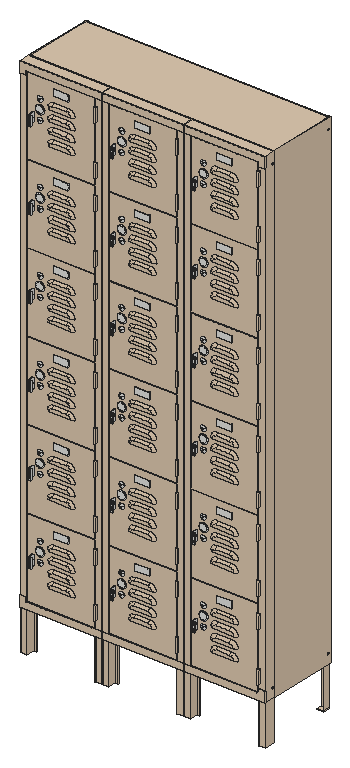
Revit family "Metal_Lockers-Salsbury_Industries-65000_66000_Series-3_Wide_Units", category Specialty Equipment, Revit 2016 (continued)
Definition of nested family "Metal Locker Legs - 3 Wide"
  Parameters (values of type "6" High - 45"W x 18"D")
    Type Comments = "Standard Metal Locker Legs"
    Primary Structure Material = none
    Model = "n/a"
    MasterFormat Title = ""
    MasterFormat Number = ""
    Manufacturer = "Salsbury Industries"
    Description = "45\"W x 6\" H x 18\"D"
    Depth = 18.010"
    Height = 6.000"
    Assembly Code = ""
  Types (6): name | Width | Visible | Type Comments | Description | Depth
    6" High - 36" W x 12" D | 36.040" | yes | "Standard Metal Locker Legs" | "36\"W x 6\" H x 12\"D" | 12.010"
    6" High - 36" W x 15" D | 36.040" | yes | "Standard Metal Locker Legs" | "36\"W x 6\" H x 15\"D" | 15.010"
    6" High - 36"W x 18"D | 36.040" | yes | "Standard Metal Locker Legs" | "36\"W x 6\" H x 18\"D" | 18.010"
    6" High - 45"W x 15"D | 45.040" | yes | "Standard Metal Locker Legs" | "45\"W x 6\" H x 15\"D" | 15.010"
    6" High - 45"W x 18"D | 45.040" | yes | "Standard Metal Locker Legs" | "45\"W x 6\" H x 18\"D" | 18.010"
    No Legs | 36.040" | no | "No Legs" | "" | 12.010"
  Reference planes (in)
    plane 1 "Center (Front/Back)": y = 0
    plane 2: z = 0
    plane 3 "Center (Left/Right)": x = 0
    plane 4 "Floor": z = 0
    plane 5 "Bottom of Unit": z = 6
    plane 6 "Left Side of Unit": x = -22.52
    plane 7 "Right Side of Unit": x = 22.52
    plane 8 "Back of Unit": y = 9.005
    plane 9 "Front of Unit": y = -9.005
    plane 10 "Right Side of Door Opening": x = 21.52
    plane 11 "Left Side of Door Opening": x = -21.52
    plane 12 "Top of back legs": z = 6.185
    plane 13 "Back Edge of Front Facing": y = -7.417
    plane 14 "Inside Edge of Front Leg": x = -21.08
    plane 15 "Inside Edge of Right Leg": x = 21.08
    plane 16: y = -7.82
    plane 17 "Back Edge of Rear Legs": y = 8.895
    plane 18 "Right Edge of Rear Right Leg": x = 22.4
    plane 19 "Left Edge or Rear Left Leg": x = -22.4
    plane 20: y = 7.895
    plane 21 "Inside Edge or Rear Right Leg": x = 21.4
    plane 22 "Inside Edge or Left Rear Leg": x = -21.4
    plane 23: x = 7.50667
    plane 24: x = -7.50667
  Forms (in)
    Extrusion 1, solid, material <- "Primary Structure Material", visible <- "Visible"
      sketch origin (0, 0, 0) x (0, -1, 0) y (1, 0, 0)
        loop
          line (7.417, 22.52) -> (7.417, 22.46) -> (8.945, 22.46) -> (8.945, 21.58) -> (7.76, 21.58) -> (7.76, 21.08) -> (7.82, 21.08) -> (7.82, 21.52) -> (9.005, 21.52) -> (9.005, 22.52) -> (7.417, 22.52)
      from 0 to 6
    Extrusion 2, solid, material <- "Primary Structure Material", visible <- "Visible"
      sketch origin (0, 0, 0) x (0, -1, 0) y (1, 0, 0)
        loop
          line (7.417, -22.52) -> (9.005, -22.52) -> (9.005, -21.52) -> (7.82, -21.52) -> (7.82, -21.08) -> (7.76, -21.08) -> (7.76, -21.58) -> (8.945, -21.58) -> (8.945, -22.46) -> (7.417, -22.46) -> (7.417, -22.52)
      from 0 to 6
    Extrusion 3, solid, material <- "Primary Structure Material", visible <- "Visible"
      sketch origin (0, 0, 0) x (0, -1, 0) y (1, 0, 0)
        loop
          line (-8.895, 22.4) -> (-8.895, 21.4) -> (-8.835, 21.4) -> (-8.835, 22.34) -> (-7.895, 22.34) -> (-7.895, 22.4) -> (-8.895, 22.4)
      from 0.06 to 6.185
    Extrusion 4, solid, material <- "Primary Structure Material", visible <- "Visible"
      sketch origin (0, 0, 0) x (0, -1, 0) y (1, 0, 0)
        loop
          line (-8.895, 22.4) -> (-8.895, 21.4) -> (-7.895, 21.4) -> (-7.895, 22.4) -> (-8.895, 22.4)
      from 0 to 0.06
    Extrusion 5, solid, material <- "Primary Structure Material", visible <- "Visible"
      sketch origin (0, 0, 0) x (0, -1, 0) y (1, 0, 0)
        loop
          line (-8.895, -22.4) -> (-7.895, -22.4) -> (-7.895, -22.34) -> (-8.835, -22.34) -> (-8.835, -21.4) -> (-8.895, -21.4) -> (-8.895, -22.4)
      from 0.06 to 6.185
    Extrusion 6, solid, material <- "Primary Structure Material", visible <- "Visible"
      sketch origin (0, 0, 0) x (0, -1, 0) y (1, 0, 0)
        loop
          line (-8.895, -22.4) -> (-7.895, -22.4) -> (-7.895, -21.4) -> (-8.895, -21.4) -> (-8.895, -22.4)
      from 0 to 0.06
    Extrusion 7, solid, material <- "Primary Structure Material", visible <- "Visible"
      sketch origin (12, 0, 0) x (0, -1, 0) y (1, 0, 0)
        loop
          line (7.417, -19.50667) -> (9.005, -19.50667) -> (9.005, -18.50667) -> (7.82, -18.50667) -> (7.82, -18.06667) -> (7.76, -18.06667) -> (7.76, -18.56667) -> (8.945, -18.56667) -> (8.945, -19.44667) -> (7.417, -19.44667) -> (7.417, -19.50667)
      from 0 to 6
    Extrusion 8, solid, material <- "Primary Structure Material", visible <- "Visible"
      sketch origin (24.04, 0, 0) x (0, -1, 0) y (1, 0, 0)
        loop
          line (7.417, -16.53333) -> (9.005, -16.53333) -> (9.005, -15.53333) -> (7.82, -15.53333) -> (7.82, -15.09333) -> (7.76, -15.09333) -> (7.76, -15.59333) -> (8.945, -15.59333) -> (8.945, -16.47333) -> (7.417, -16.47333) -> (7.417, -16.53333)
      from 0 to 6
    Extrusion 9, solid, material <- "Primary Structure Material", visible <- "Visible"
      sketch origin (-12, 0, 0) x (0, -1, 0) y (1, 0, 0)
        loop
          line (7.417, 19.50667) -> (7.417, 19.44667) -> (8.945, 19.44667) -> (8.945, 18.56667) -> (7.76, 18.56667) -> (7.76, 18.06667) -> (7.82, 18.06667) -> (7.82, 18.50667) -> (9.005, 18.50667) -> (9.005, 19.50667) -> (7.417, 19.50667)
      from 0 to 6
    Extrusion 10, solid, material <- "Primary Structure Material", visible <- "Visible"
      sketch origin (-24.04, 0, 0) x (0, -1, 0) y (1, 0, 0)
        loop
          line (7.417, 16.53333) -> (7.417, 16.47333) -> (8.945, 16.47333) -> (8.945, 15.59333) -> (7.76, 15.59333) -> (7.76, 15.09333) -> (7.82, 15.09333) -> (7.82, 15.53333) -> (9.005, 15.53333) -> (9.005, 16.53333) -> (7.417, 16.53333)
      from 0 to 6
  Dimensions and locks (in)
    equal spacing: plane 6 "Left Side of Unit", plane 3 "Center (Left/Right)", plane 7 "Right Side of Unit"
    "Width": plane 6 "Left Side of Unit" to plane 7 "Right Side of Unit"
    "Height": plane 5 "Bottom of Unit" to plane 4 "Floor"
    equal spacing: plane 9 "Front of Unit", plane 1 "Center (Front/Back)", plane 8 "Back of Unit"
    "Depth": plane 9 "Front of Unit" to plane 8 "Back of Unit"
    plane 12 "Top of back legs" to plane 5 "Bottom of Unit" = 0.185"
    plane 6 "Left Side of Unit" to plane 11 "Left Side of Door Opening" = 1.000"
    plane 10 "Right Side of Door Opening" to plane 7 "Right Side of Unit" = 1.000"
    locked: plane 9 "Front of Unit" to plane 13 "Back Edge of Front Facing" at 1.588
    plane 11 "Left Side of Door Opening" to plane 14 "Inside Edge of Front Leg" = 0.440"
    plane 15 "Inside Edge of Right Leg" to plane 10 "Right Side of Door Opening" = 0.440"
    plane 9 "Front of Unit" to plane 16 = 1.185"
    plane 15 "Inside Edge of Right Leg" to plane 21 "Inside Edge or Rear Right Leg" to plane 10 "Right Side of Door Opening" to plane 18 "Right Edge of Rear Right Leg" to plane 7 "Right Side of Unit" = 0.320", 0.120", 0.880", 0.120"
    plane 6 "Left Side of Unit" to plane 19 "Left Edge or Rear Left Leg" to plane 11 "Left Side of Door Opening" to plane 22 "Inside Edge or Left Rear Leg" to plane 14 "Inside Edge of Front Leg" = 0.120", 0.880", 0.120", 0.320"
    plane 20 to plane 17 "Back Edge of Rear Legs" to plane 8 "Back of Unit" = 1.000", 0.110"
    equal spacing: plane 6 "Left Side of Unit", plane 24, plane 23, plane 7 "Right Side of Unit"
    aligned and locked: level to plane 2
    aligned and locked: Extrusion 3 to Extrusion 4
    aligned and locked: Extrusion 6 to Extrusion 5
    aligned and locked: Extrusion 3 to plane 18 "Right Edge of Rear Right Leg"
    aligned and locked: Extrusion 3 to plane 17 "Back Edge of Rear Legs"
    aligned and locked: Extrusion 5 to plane 19 "Left Edge or Rear Left Leg"
    aligned and locked: plane 17 "Back Edge of Rear Legs" to Extrusion 5
    aligned and locked: plane 5 "Bottom of Unit" to Extrusion 2
    aligned and locked: Extrusion 1 to plane 5 "Bottom of Unit"
    aligned and locked: Extrusion 3 to plane 12 "Top of back legs"
    aligned and locked: plane 12 "Top of back legs" to Extrusion 5
  Automatic sketch dimensions
    plane 13 "Back Edge of Front Facing" to Extrusion 1 sketch curve = 0.000"
    Extrusion 1 sketch curve to plane 15 "Inside Edge of Right Leg" = 0.000"
    plane 16 to Extrusion 1 sketch curve = 0.000"
    Extrusion 1 sketch curve to plane 7 "Right Side of Unit" = 0.000"
    plane 9 "Front of Unit" to Extrusion 1 sketch curve = 0.000"
    Extrusion 1 sketch curve to plane 10 "Right Side of Door Opening" = 0.000"
    Extrusion 1 sketch curve to plane 16 = 0.060"
    Extrusion 1 sketch curve to plane 9 "Front of Unit" = 0.060"
    Extrusion 1 sketch curve to plane 10 "Right Side of Door Opening" = 0.060"
    plane 7 "Right Side of Unit" to Extrusion 1 sketch curve = 0.060"
    Extrusion 2 sketch curve to plane 13 "Back Edge of Front Facing" = 0.000"
    Extrusion 2 sketch curve to plane 14 "Inside Edge of Front Leg" = 0.000"
    Extrusion 2 sketch curve to plane 16 = 0.000"
    Extrusion 2 sketch curve to plane 6 "Left Side of Unit" = 0.000"
    Extrusion 2 sketch curve to plane 9 "Front of Unit" = 0.000"
    Extrusion 2 sketch curve to plane 11 "Left Side of Door Opening" = 0.000"
    plane 16 to Extrusion 2 sketch curve = 0.060"
    plane 9 "Front of Unit" to Extrusion 2 sketch curve = 0.060"
    Extrusion 2 sketch curve to plane 11 "Left Side of Door Opening" = 0.060"
    plane 6 "Left Side of Unit" to Extrusion 2 sketch curve = 0.060"
    plane 17 "Back Edge of Rear Legs" to Extrusion 3 sketch curve = 0.000"
    Extrusion 3 sketch curve to plane 21 "Inside Edge or Rear Right Leg" = 0.000"
    Extrusion 3 sketch curve to plane 18 "Right Edge of Rear Right Leg" = 0.000"
    plane 20 to Extrusion 3 sketch curve = 0.000"
    plane 17 "Back Edge of Rear Legs" to Extrusion 3 sketch curve = 0.060"
    plane 18 "Right Edge of Rear Right Leg" to Extrusion 3 sketch curve = 0.060"
    plane 17 "Back Edge of Rear Legs" to Extrusion 4 sketch curve = 0.000"
    Extrusion 4 sketch curve to plane 18 "Right Edge of Rear Right Leg" = 0.000"
    plane 20 to Extrusion 4 sketch curve = 0.000"
    Extrusion 4 sketch curve to plane 21 "Inside Edge or Rear Right Leg" = 0.000"
    Extrusion 5 sketch curve to plane 17 "Back Edge of Rear Legs" = 0.000"
    Extrusion 5 sketch curve to plane 22 "Inside Edge or Left Rear Leg" = 0.000"
    Extrusion 5 sketch curve to plane 19 "Left Edge or Rear Left Leg" = 0.000"
    Extrusion 5 sketch curve to plane 20 = 0.000"
    Extrusion 5 sketch curve to plane 17 "Back Edge of Rear Legs" = 0.060"
    Extrusion 5 sketch curve to plane 19 "Left Edge or Rear Left Leg" = 0.060"
    Extrusion 6 sketch curve to plane 17 "Back Edge of Rear Legs" = 0.000"
    Extrusion 6 sketch curve to plane 19 "Left Edge or Rear Left Leg" = 0.000"
    Extrusion 6 sketch curve to plane 20 = 0.000"
    Extrusion 6 sketch curve to plane 22 "Inside Edge or Left Rear Leg" = 0.000"
    plane 13 "Back Edge of Front Facing" to Extrusion 7 sketch curve = 0.000"
    plane 16 to Extrusion 7 sketch curve = 0.000"
    plane 9 "Front of Unit" to Extrusion 7 sketch curve = 0.000"
    Extrusion 7 sketch curve to plane 24 = 0.000"
    plane 16 to Extrusion 7 sketch curve = 0.060"
    plane 9 "Front of Unit" to Extrusion 7 sketch curve = 0.060"
    plane 24 to Extrusion 7 sketch curve = 0.060"
    plane 24 to Extrusion 7 sketch curve = 0.940"
    Extrusion 7 sketch curve to Extrusion 7 sketch curve = 0.060"
    Extrusion 7 sketch curve to Extrusion 7 sketch curve = 0.440"
    plane 13 "Back Edge of Front Facing" to Extrusion 8 sketch curve = 0.000"
    plane 16 to Extrusion 8 sketch curve = 0.000"
    plane 9 "Front of Unit" to Extrusion 8 sketch curve = 0.000"
    Extrusion 8 sketch curve to plane 23 = 0.000"
    plane 16 to Extrusion 8 sketch curve = 0.060"
    plane 9 "Front of Unit" to Extrusion 8 sketch curve = 0.060"
    plane 23 to Extrusion 8 sketch curve = 0.060"
    plane 23 to Extrusion 8 sketch curve = 0.940"
    Extrusion 8 sketch curve to Extrusion 8 sketch curve = 0.060"
    Extrusion 8 sketch curve to Extrusion 8 sketch curve = 0.440"
    plane 13 "Back Edge of Front Facing" to Extrusion 9 sketch curve = 0.000"
    plane 16 to Extrusion 9 sketch curve = 0.000"
    plane 9 "Front of Unit" to Extrusion 9 sketch curve = 0.000"
    Extrusion 9 sketch curve to plane 23 = 0.000"
    Extrusion 9 sketch curve to plane 16 = 0.060"
    Extrusion 9 sketch curve to plane 9 "Front of Unit" = 0.060"
    plane 23 to Extrusion 9 sketch curve = 0.060"
    plane 23 to Extrusion 9 sketch curve = 0.940"
    Extrusion 9 sketch curve to Extrusion 9 sketch curve = 0.060"
    Extrusion 9 sketch curve to Extrusion 9 sketch curve = 0.440"
    plane 13 "Back Edge of Front Facing" to Extrusion 10 sketch curve = 0.000"
    plane 16 to Extrusion 10 sketch curve = 0.000"
    plane 9 "Front of Unit" to Extrusion 10 sketch curve = 0.000"
    Extrusion 10 sketch curve to plane 24 = 0.000"
    Extrusion 10 sketch curve to plane 16 = 0.060"
    Extrusion 10 sketch curve to plane 9 "Front of Unit" = 0.060"
    plane 24 to Extrusion 10 sketch curve = 0.060"
    plane 24 to Extrusion 10 sketch curve = 0.940"
    Extrusion 10 sketch curve to Extrusion 10 sketch curve = 0.060"
    Extrusion 10 sketch curve to Extrusion 10 sketch curve = 0.440"
Definition of nested family "Metal Locker Doors-12 inch with Latch Hasps"
  Parameters (values of type "Six Tier Door - 6 foot")
    Width = 9.901"
    Visible = yes
    Primary Structure Material = none
    Louver Set Vertical Alignment = 2.731"
    Number Plate Alignment = 0.9375"
    Louver Width = 4.000"
    Hinge 2 Placement = 8.449"
    Hinge 1 Placement = 1.125"
    Height = 11.532"
    Hasp Plate Rivet Material = none
    Hasp Height = 1.438"
    Depth = 0.900"
  Types (4): name | Louver Set Vertical Alignment | Hinge 2 Placement | Height
    Four Tier Door - 6 foot | 5.710" | 14.142" | 17.360"
    Four Tier Door - 5 foot | 4.240" | 11.142" | 14.360"
    Five Tier Door - 5 foot | 2.826" | 8.188" | 11.463"
    Six Tier Door - 6 foot | 2.731" | 8.449" | 11.532"
  Reference planes (in)
    plane 1 "Center (Front/Back)": y = 0
    plane 2 "Bottom of Door": z = 0
    plane 3 "Center (Left/Right)": x = 0
    plane 4 "Center (Top/Bottom)": z = 5.766
    plane 5 "Top of Door": z = 11.532
    plane 6 "Right Side of Door": x = 4.9505
    plane 7 "Left Side of Door": x = -4.9505
    plane 8 "Front of Door": y = -0.45
    plane 9 "Back of Door": y = 0.45
    plane 10 "Top of Number Plate": z = 10.5945
    plane 11 "Top of Top Vent 1": z = 8.801
    plane 12 "Top of Top Vent 2": z = 7.176
    plane 13 "Top of Top Vent 3": z = 5.551
    plane 14 "Top of Top Vent 4": z = 3.926
    plane 15 "Top of Hasp Alignment": z = 6.485
    plane 16 "Bottom of Hasp Alignment": z = 5.047
    plane 17 "Left Side of Louvers": x = -2
    plane 18 "Right Side of Louvers": x = 2
    plane 19 "Front of Louvers": y = -0.6375
    plane 20: x = -1.094
    plane 21: x = 1.094
    plane 22: z = 9.5945
    plane 23 "Center Hasp": x = -1.7755
    plane 24 "Top of Hinge 2": z = 3.083
    plane 25 "Top of Hinge 1": z = 10.407
    plane 26 "Left Hasp Hole Align": x = -4.263
    plane 27 "Right Hasp Hole Align": x = -4.013
    plane 28 "Center Hasp Stud Align": z = 7.18441
    plane 29 "Top Hasp Stud Align": z = 8.60282
    plane 30 "Vertical Hasp Stud Align": x = -3.076
    plane 31: z = 7.801
    plane 32: z = 6.176
    plane 33: z = 4.551
    plane 34: z = 2.926
    plane 35 "Vertical Center Hasp Align": x = -4.13777
  Forms (in)
    Extrusion 1, solid, material <- "Primary Structure Material", visible <- "Visible"
      sketch origin (0, 0, 0) x (1, 0, 0) y (0, 0, 1)
        loop
          line (-4.9505, 11.532) -> (-4.9505, 0) -> (4.9505, 0) -> (4.9505, 11.532) -> (-4.9505, 11.532)
      from -0.45 to 0.45
    Extrusion 2, solid, material <- "Hasp Plate Rivet Material", visible <- "Visible", detail levels medium+fine
      sketch origin (0, -0.45, 0) x (1, 0, 0) y (0, 0, 1)
        loop
          arc (-1.06847, 10.55895) -> (-1.10166, 10.09621) -> (-1.06847, 9.63347) r 3.2426
          arc (-1.06847, 9.63347) -> (0, 9.59472) -> (1.06847, 9.63347) r 14.75
          arc (1.06847, 9.63347) -> (1.10166, 10.09621) -> (1.06847, 10.55895) r 3.2426
          arc (1.06847, 10.55895) -> (0, 10.59799) -> (-1.06847, 10.55895) r 14.63753
      from 0 to 0.03497
    Extrusion 3, void
      sketch origin (-1.7755, -0.13281, 0.04687) x (0, 0, -1) y (0, -1, 0)
        loop
          circle (-5.44277, -0.16411) r 0.2
      from -0.163 to 0.163
    Extrusion 4, solid, material <- "Primary Structure Material", visible <- "Visible", detail levels medium+fine
      sketch origin (0, 0, 10.407) x (0, -1, 0) y (1, 0, 0)
        loop
          line (0.45, 4.9505) -> (0.575, 4.9505)
          arc (0.575, 4.9505) -> (0.7, 5.0755) -> (0.575, 5.2005) r 0.125
          line (0.575, 5.2005) -> (0.45, 5.2005) -> (0.45, 4.9505)
      from 0 to -2
    Extrusion 5, solid, material <- "Primary Structure Material", visible <- "Visible", detail levels medium+fine
      sketch origin (0, 0, 3.083) x (0, -1, 0) y (1, 0, 0)
        loop
          line (0.45, 4.9505) -> (0.575, 4.9505)
          arc (0.575, 4.9505) -> (0.7, 5.0755) -> (0.575, 5.2005) r 0.125
          line (0.575, 5.2005) -> (0.45, 5.2005) -> (0.45, 4.9505)
      from 0 to -2
    Extrusion 6, void
      sketch origin (0, -0.45, 0) x (1, 0, 0) y (0, 0, 1)
        loop
          line (-4.263, 6.485) -> (-4.263, 5.047) -> (-4.013, 5.047) -> (-4.013, 6.485) -> (-4.263, 6.485)
      from -0.9 to 0
    Blend 7, solid, material <- "Primary Structure Material", visible <- "Visible"
      base sketch origin (0.875, -0.45, 0.208) x (1, 0, 0) y (0, 0, 1)
        loop
          line (-2.875, 7.593) -> (1.125, 7.593)
          arc (1.125, 7.593) -> (0.83211, 8.30011) -> (0.125, 8.593) r 1
          line (0.125, 8.593) -> (-1.875, 8.593)
          arc (-1.875, 8.593) -> (-2.58211, 8.30011) -> (-2.875, 7.593) r 1
      top sketch origin (0.875, -0.6375, 0.208) x (1, 0, 0) y (0, 0, 1)
        loop
          line (-2.44242, 7.593) -> (0.69242, 7.593)
          arc (0.69242, 7.593) -> (0.52766, 7.99075) -> (0.12992, 8.1555) r 0.5625
          line (0.12992, 8.1555) -> (-1.87992, 8.1555)
          arc (-1.87992, 8.1555) -> (-2.27766, 7.99075) -> (-2.44242, 7.593) r 0.5625
      from 0 to 0
    Blend 8, solid, material <- "Primary Structure Material", visible <- "Visible"
      base sketch origin (0.875, -0.45, 1.652) x (1, 0, 0) y (0, 0, 1)
        loop
          line (-2.875, 4.524) -> (1.125, 4.524)
          arc (1.125, 4.524) -> (0.83211, 5.23111) -> (0.125, 5.524) r 1
          line (0.125, 5.524) -> (-1.875, 5.524)
          arc (-1.875, 5.524) -> (-2.58211, 5.23111) -> (-2.875, 4.524) r 1
      top sketch origin (0.875, -0.6375, 1.652) x (1, 0, 0) y (0, 0, 1)
        loop
          line (-2.43346, 4.524) -> (0.68346, 4.524)
          arc (0.68346, 4.524) -> (0.52224, 4.91321) -> (0.13303, 5.07443) r 0.55043
          line (0.13303, 5.07443) -> (-1.88303, 5.07443)
          arc (-1.88303, 5.07443) -> (-2.27224, 4.91321) -> (-2.43346, 4.524) r 0.55043
      from 0 to 0
    Blend 9, solid, material <- "Primary Structure Material", visible <- "Visible"
      base sketch origin (0.875, -0.45, -3.042) x (1, 0, 0) y (0, 0, 1)
        loop
          line (-2.875, 7.593) -> (1.125, 7.593)
          arc (1.125, 7.593) -> (0.83211, 8.30011) -> (0.125, 8.593) r 1
          line (0.125, 8.593) -> (-1.875, 8.593)
          arc (-1.875, 8.593) -> (-2.58211, 8.30011) -> (-2.875, 7.593) r 1
      top sketch origin (0.875, -0.6375, -3.042) x (1, 0, 0) y (0, 0, 1)
        loop
          line (-2.44242, 7.593) -> (0.58842, 7.593)
          arc (0.58842, 7.593) -> (0.45412, 7.91721) -> (0.12992, 8.0515) r 0.4585
          line (0.12992, 8.0515) -> (-1.98392, 8.0515)
          arc (-1.98392, 8.0515) -> (-2.30812, 7.91721) -> (-2.44242, 7.593) r 0.4585
      from 0 to 0
    Blend 10, solid, material <- "Primary Structure Material", visible <- "Visible"
      base sketch origin (0.875, -0.45, -1.598) x (1, 0, 0) y (0, 0, 1)
        loop
          line (-2.875, 4.524) -> (1.125, 4.524)
          arc (1.125, 4.524) -> (0.83211, 5.23111) -> (0.125, 5.524) r 1
          line (0.125, 5.524) -> (-1.875, 5.524)
          arc (-1.875, 5.524) -> (-2.58211, 5.23111) -> (-2.875, 4.524) r 1
      top sketch origin (0.875, -0.6375, -1.598) x (1, 0, 0) y (0, 0, 1)
        loop
          line (-2.43234, 4.524) -> (0.68234, 4.524)
          arc (0.68234, 4.524) -> (0.52129, 4.9128) -> (0.13249, 5.07385) r 0.54985
          line (0.13249, 5.07385) -> (-1.88249, 5.07385)
          arc (-1.88249, 5.07385) -> (-2.27129, 4.9128) -> (-2.43234, 4.524) r 0.54985
      from 0 to 0
    Blend 11, solid, material <- "Hasp Plate Rivet Material", visible <- "Visible", detail levels medium+fine
      base sketch origin (0, -0.45, 0) x (1, 0, 0) y (0, 0, 1)
        loop
          circle (-3.076, 5.766) r 0.375
      top sketch origin (0, -0.45, 0) x (1, 0, 0) y (0, 0, 1)
        loop
          circle (-3.076, 5.766) r 0.09706
      from 0 to 0.03497
    Blend 12, solid, material <- "Hasp Plate Rivet Material", visible <- "Visible", detail levels medium+fine
      base sketch origin (0, -0.45, 2.83682) x (1, 0, 0) y (0, 0, 1)
        loop
          circle (-3.076, 5.766) r 0.375
      top sketch origin (0, -0.45, 2.83682) x (1, 0, 0) y (0, 0, 1)
        loop
          circle (-3.076, 5.766) r 0.09706
      from 0 to 0.03497
    Blend 13, solid, material <- "Hasp Plate Rivet Material", visible <- "Visible", detail levels medium+fine
      base sketch origin (0, -0.45, -0.16841) x (1, 0, 0) y (0, 0, 1)
        loop
          circle (-3.076, 7.35282) r 0.625
      top sketch origin (0, -0.45, -0.16841) x (1, 0, 0) y (0, 0, 1)
        loop
          circle (-3.076, 7.35282) r 0.58088
      from 0 to 0.03497
    Extrusion 14, solid, material <- "Hasp Plate Rivet Material", visible <- "Visible"
      sketch origin (0, 0, 5.047) x (0, -1, 0) y (1, 0, 0)
        loop
          line (-0.45, -4.07527) -> (-0.45, -4.13777) -> (1.2, -4.13777)
          arc (1.2, -4.13777) -> (1.24419, -4.11946) -> (1.2625, -4.07527) r 0.0625
          line (1.2625, -4.07527) -> (1.2625, -3.76277) -> (1.20579, -3.76277) -> (1.20579, -4.0127)
          arc (1.20579, -4.0127) -> (1.18746, -4.05694) -> (1.14322, -4.07527) r 0.06257
          line (1.14322, -4.07527) -> (-0.45, -4.07527)
      from 0 to 1.438
    Extrusion 15, solid, material <- "Hasp Plate Rivet Material", visible <- "Visible"
      sketch origin (0, 0, 5.047) x (0, -1, 0) y (1, 0, 0)
        loop
          line (-0.45, -4.20027) -> (1.2625, -4.20027) -> (1.2625, -4.13777) -> (-0.45, -4.13777) -> (-0.45, -4.20027)
      from 0 to 1.438
    Extrusion 16, void
      sketch origin (-4.013, 0, 0) x (0, 0, -1) y (0, -1, 0)
        loop
          circle (-5.766, 0.82219) r 0.375
      from 0 to 0.25
  Cuts and joins
    Extrusion 3, Extrusion 6 cuts Extrusion 1
    Extrusion 16 cuts Extrusion 14
    Extrusion 16 cuts Extrusion 15
  Lines and regions (in)
    symbolic lines
      curve 1: arc (-2, -0.45, 7.801) -> (-1.70711, -0.45, 8.50811) -> (-1, -0.45, 8.801) r 1
      curve 2: arc (2, -0.45, 7.801) -> (1.70711, -0.45, 8.50811) -> (1, -0.45, 8.801) r 1
      curve 3: arc (2, -0.45, 6.176) -> (1.70711, -0.45, 6.88311) -> (1, -0.45, 7.176) r 1
      curve 4: arc (-2, -0.45, 6.176) -> (-1.70711, -0.45, 6.88311) -> (-1, -0.45, 7.176) r 1
      curve 5: arc (2, -0.45, 4.551) -> (1.70711, -0.45, 5.25811) -> (1, -0.45, 5.551) r 1
      curve 6: arc (-2, -0.45, 4.551) -> (-1.70711, -0.45, 5.25811) -> (-1, -0.45, 5.551) r 1
      curve 7: arc (-2, -0.45, 2.926) -> (-1.70711, -0.45, 3.63311) -> (-1, -0.45, 3.926) r 1
      curve 8: arc (2, -0.45, 2.926) -> (1.70711, -0.45, 3.63311) -> (1, -0.45, 3.926) r 1
      curve 9: line (-2, -0.45, 2.926) -> (2, -0.45, 2.926)
      curve 10: line (1, -0.45, 3.926) -> (-1, -0.45, 3.926)
      curve 11: line (-2, -0.45, 4.551) -> (2, -0.45, 4.551)
      curve 12: line (1, -0.45, 5.551) -> (-1, -0.45, 5.551)
      curve 13: line (1, -0.45, 7.176) -> (-1, -0.45, 7.176)
      curve 14: line (-2, -0.45, 6.176) -> (2, -0.45, 6.176)
      curve 15: line (2, -0.45, 7.801) -> (-2, -0.45, 7.801)
      curve 16: line (1, -0.45, 8.801) -> (-1, -0.45, 8.801)
      curve 17: circle (-3.076, -0.45, 7.18441) r 0.625 normal (0, -1, 0)
      curve 18: circle (-3.076, -0.45, 8.60282) r 0.375 normal (0, -1, 0)
      curve 19: circle (-3.076, -0.45, 5.766) r 0.375 normal (0, -1, 0)
      curve 20: line (-4.263, -0.45, 6.485) -> (-3.76277, -0.45, 6.485)
      curve 21: line (-4.263, -0.45, 5.047) -> (-4.263, -0.45, 6.485)
      curve 22: line (-3.76277, -0.45, 5.047) -> (-4.263, -0.45, 5.047)
      curve 23: line (-3.76277, -0.45, 6.485) -> (-3.76277, -0.45, 5.047)
      curve 24: line (-4.20027, -0.44719, 5.047) -> (-4.20027, -1.2625, 5.047)
      curve 25: line (-4.20027, -1.2625, 5.047) -> (-3.76277, -1.2625, 5.047)
      curve 26: line (-3.76277, -1.2625, 5.047) -> (-3.76277, -1.20579, 5.047)
      curve 27: line (-3.76277, -1.20579, 5.047) -> (-4.0127, -1.20579, 5.047)
      curve 28: arc (-4.0127, -1.20579, 5.047) -> (-4.05694, -1.18746, 5.047) -> (-4.07527, -1.14322, 5.047) r 0.06257
      curve 29: line (-4.07527, -1.14322, 5.047) -> (-4.07527, -0.44719, 5.047)
      curve 30: line (-1.56742, -0.6375, 5.047) -> (-2, -0.45, 5.047)
      curve 31: line (1.55734, -0.6375, 5.047) -> (2.0161, -0.43865, 5.047)
      curve 32: line (1.55734, -0.6375, 5.047) -> (-1.56742, -0.6375, 5.047)
  Dimensions and locks (in)
    equal spacing: plane 5 "Top of Door", plane 4 "Center (Top/Bottom)", plane 2 "Bottom of Door"
    "Height": plane 5 "Top of Door" to plane 2 "Bottom of Door"
    equal spacing: plane 8 "Front of Door", plane 1 "Center (Front/Back)", plane 9 "Back of Door"
    "Depth": plane 8 "Front of Door" to plane 9 "Back of Door"
    equal spacing: plane 7 "Left Side of Door", plane 3 "Center (Left/Right)", plane 6 "Right Side of Door"
    "Width": plane 7 "Left Side of Door" to plane 6 "Right Side of Door"
    "Number Plate Alignment": plane 5 "Top of Door" to plane 10 "Top of Number Plate" to plane 22
    equal spacing: plane 17 "Left Side of Louvers", plane 3 "Center (Left/Right)", plane 18 "Right Side of Louvers"
    "Louver Width": plane 17 "Left Side of Louvers" to plane 18 "Right Side of Louvers"
    "Louver Set Vertical Alignment": plane 5 "Top of Door" to plane 11 "Top of Top Vent 1"
    plane 11 "Top of Top Vent 1" to plane 12 "Top of Top Vent 2" to plane 13 "Top of Top Vent 3" to plane 14 "Top of Top Vent 4" = 1.625", 1.625", 1.625"
    plane 29 "Top Hasp Stud Align" to plane 28 "Center Hasp Stud Align" to plane 15 "Top of Hasp Alignment" to plane 4 "Center (Top/Bottom)" to plane 16 "Bottom of Hasp Alignment" = 1.41841", 0.69941", 0.719", 0.719"
    "Hasp Height": plane 15 "Top of Hasp Alignment" to plane 16 "Bottom of Hasp Alignment"
    locked: plane 19 "Front of Louvers" to plane 8 "Front of Door" at 0.1875
    plane 20 to plane 3 "Center (Left/Right)" to plane 21 = 1.094" locked, 1.094" locked
    "Hinge 1 Placement": plane 5 "Top of Door" to plane 25 "Top of Hinge 1"
    "Hinge 2 Placement": plane 5 "Top of Door" to plane 24 "Top of Hinge 2"
    plane 7 "Left Side of Door" to plane 26 "Left Hasp Hole Align" to plane 27 "Right Hasp Hole Align" to plane 30 "Vertical Hasp Stud Align" = 0.6875" locked, 0.250" locked, 0.937" locked
    plane 11 "Top of Top Vent 1" to plane 31 = 1.000"
    plane 12 "Top of Top Vent 2" to plane 32 = 1.000"
    plane 13 "Top of Top Vent 3" to plane 33 = 1.000"
    plane 14 "Top of Top Vent 4" to plane 34 = 1.000"
    aligned and locked: level to plane 2 "Bottom of Door"
    aligned and locked: plane 5 "Top of Door" to Extrusion 1 sketch curve
    aligned and locked: Extrusion 1 sketch curve to plane 7 "Left Side of Door"
    aligned and locked: plane 2 "Bottom of Door" to Extrusion 1 sketch curve
    aligned and locked: plane 6 "Right Side of Door" to Extrusion 1 sketch curve
    aligned and locked: plane 15 "Top of Hasp Alignment" to Extrusion 6 sketch curve
    aligned and locked: Extrusion 6 sketch curve to plane 26 "Left Hasp Hole Align"
    aligned and locked: Extrusion 6 sketch curve to plane 16 "Bottom of Hasp Alignment"
    aligned and locked: plane 27 "Right Hasp Hole Align" to Extrusion 6 sketch curve
    aligned and locked: plane 11 "Top of Top Vent 1" to Blend 7
    aligned and locked: plane 12 "Top of Top Vent 2" to Blend 8
    aligned and locked: plane 13 "Top of Top Vent 3" to Blend 9
    aligned and locked: plane 14 "Top of Top Vent 4" to Blend 10
    aligned and locked: plane 31 to Blend 7
    aligned and locked: Blend 7 sketch curve to plane 11 "Top of Top Vent 1"
    aligned and locked: plane 31 to Blend 7 sketch curve  (x2)
    aligned and locked: Blend 8 sketch curve to plane 12 "Top of Top Vent 2"
    aligned and locked: plane 32 to Blend 8 sketch curve  (x2)
    aligned and locked: Blend 9 sketch curve to plane 13 "Top of Top Vent 3"
    aligned and locked: plane 33 to Blend 9 sketch curve  (x2)
    aligned and locked: Blend 10 sketch curve to plane 14 "Top of Top Vent 4"
    aligned and locked: plane 34 to Blend 10 sketch curve  (x2)
    aligned and locked: plane 29 "Top Hasp Stud Align" to Blend 12 sketch curve  (x2)
    aligned and locked: plane 4 "Center (Top/Bottom)" to Blend 11 sketch curve  (x2)
    aligned and locked: plane 28 "Center Hasp Stud Align" to Blend 13 sketch curve  (x2)
    aligned and locked: plane 35 "Vertical Center Hasp Align" to Extrusion 15 sketch curve
    aligned and locked: plane 35 "Vertical Center Hasp Align" to Extrusion 14 sketch curve
    aligned and locked: plane 4 "Center (Top/Bottom)" to Extrusion 16 sketch curve
    aligned and locked: curve 1 to Blend 7  (x2)
    aligned and locked: Blend 7 to curve 2  (x2)
    aligned and locked: curve 3 to Blend 8
    aligned and locked: Blend 8 to curve 3
    aligned and locked: curve 4 to Blend 8
    aligned and locked: curve 5 to Blend 9
    aligned and locked: Blend 9 to curve 5
    aligned and locked: Blend 9 to curve 6
    aligned and locked: curve 6 to Blend 9
    aligned and locked: curve 7 to Blend 10
    aligned and locked: curve 8 to Blend 10
    aligned and locked: curve 9 to Blend 10
    aligned and locked: curve 10 to Blend 10
    aligned and locked: curve 14 to Blend 8
    aligned and locked: curve 20 to cut or joined group of Extrusion 1, Extrusion 3, Extrusion 6
    aligned and locked: curve 21 to cut or joined group of Extrusion 1, Extrusion 3, Extrusion 6
    aligned and locked: curve 22 to cut or joined group of Extrusion 14, Extrusion 16
    aligned and locked: curve 23 to cut or joined group of Extrusion 14, Extrusion 16
    aligned and locked: curve 24 to cut or joined group of Extrusion 15, Extrusion 16
    aligned and locked: curve 25 to cut or joined group of Extrusion 15, Extrusion 16
    aligned and locked: curve 26 to cut or joined group of Extrusion 14, Extrusion 16
    aligned and locked: curve 27 to cut or joined group of Extrusion 14, Extrusion 16
    aligned and locked: curve 28 to cut or joined group of Extrusion 14, Extrusion 16
  Automatic sketch dimensions
    Extrusion 2 sketch curve to plane 3 "Center (Left/Right)" = 0.000"  (x2)
    plane 17 "Left Side of Louvers" to Extrusion 2 sketch curve = 0.14094"
    Extrusion 2 sketch curve to plane 18 "Right Side of Louvers" = 0.14094"
    Extrusion 2 sketch curve to level = 4.03954"
    plane 25 "Top of Hinge 1" to Extrusion 2 sketch curve = 0.31079"  (x2)
    Extrusion 2 sketch curve to plane 5 "Top of Door" = 12.81272"
    Extrusion 2 sketch curve to plane 20 = 0.02553"  (x2)
    plane 21 to Extrusion 2 sketch curve = 0.02553"
    Extrusion 2 sketch curve to plane 22 = 0.03897"
    plane 13 "Top of Top Vent 3" to Extrusion 3 sketch curve = 0.06135"
    Extrusion 3 sketch curve to plane 1 "Center (Front/Back)" = 0.0313"
    Extrusion 4 sketch curve to plane 6 "Right Side of Door" = 0.000"
    plane 8 "Front of Door" to Extrusion 4 sketch curve = 0.000"
    Extrusion 4 sketch curve to plane 19 "Front of Louvers" = 0.0625"
    Extrusion 4 sketch curve to plane 6 "Right Side of Door" = 0.125"
    Extrusion 5 sketch curve to plane 6 "Right Side of Door" = 0.000"
    plane 8 "Front of Door" to Extrusion 5 sketch curve = 0.000"
    Extrusion 5 sketch curve to plane 19 "Front of Louvers" = 0.0625"
    Extrusion 5 sketch curve to plane 6 "Right Side of Door" = 0.125"
    plane 17 "Left Side of Louvers" to Blend 7 sketch curve = 0.000"
    plane 18 "Right Side of Louvers" to Blend 7 sketch curve = 0.000"
    Blend 7 sketch curve to plane 23 "Center Hasp" = 0.20808"
    Blend 7 sketch curve to plane 20 = 0.08908"
    plane 21 to Blend 7 sketch curve = 0.08908"
    plane 17 "Left Side of Louvers" to Blend 8 sketch curve = 0.000"
    plane 18 "Right Side of Louvers" to Blend 8 sketch curve = 0.000"
    Blend 8 sketch curve to plane 23 "Center Hasp" = 0.21704"
    Blend 8 sketch curve to plane 20 = 0.08597"
    plane 21 to Blend 8 sketch curve = 0.08597"
    plane 17 "Left Side of Louvers" to Blend 9 sketch curve = 0.000"
    plane 18 "Right Side of Louvers" to Blend 9 sketch curve = 0.000"
    Blend 9 sketch curve to plane 23 "Center Hasp" = 0.20808"
    plane 16 "Bottom of Hasp Alignment" to Blend 9 sketch curve = 0.0375"
    plane 21 to Blend 9 sketch curve = 0.08908"
    plane 17 "Left Side of Louvers" to Blend 10 sketch curve = 0.000"
    plane 18 "Right Side of Louvers" to Blend 10 sketch curve = 0.000"
    Blend 10 sketch curve to plane 23 "Center Hasp" = 0.21816"
    Blend 10 sketch curve to plane 20 = 0.08651"
    plane 21 to Blend 10 sketch curve = 0.08651"
    plane 30 "Vertical Hasp Stud Align" to Blend 11 sketch curve = 0.000"  (x2)
    plane 30 "Vertical Hasp Stud Align" to Blend 12 sketch curve = 0.000"  (x2)
    plane 30 "Vertical Hasp Stud Align" to Blend 13 sketch curve = 0.000"  (x2)
    Extrusion 14 sketch curve to plane 1 "Center (Front/Back)" = 0.450"
    plane 27 "Right Hasp Hole Align" to Extrusion 14 sketch curve = 0.06227"
    Extrusion 14 sketch curve to plane 27 "Right Hasp Hole Align" = 0.0003"
    plane 19 "Front of Louvers" to Extrusion 14 sketch curve = 0.50572"
    Extrusion 14 sketch curve to Extrusion 14 sketch curve = 0.05678"
    Extrusion 14 sketch curve to Extrusion 14 sketch curve = 0.24993"
    plane 9 "Back of Door" to Extrusion 15 sketch curve = 0.000"
    plane 19 "Front of Louvers" to Extrusion 15 sketch curve = 0.625"
    Extrusion 15 sketch curve to plane 26 "Left Hasp Hole Align" = 0.06273"
    Extrusion 14 sketch curve to Extrusion 14 sketch curve = 0.06257"
    plane 19 "Front of Louvers" to Extrusion 16 sketch curve = 0.18469"
    curve 19 to plane 4 "Center (Top/Bottom)" = 0.000"
    plane 30 "Vertical Hasp Stud Align" to curve 19 = 0.000"
    curve 17 to plane 28 "Center Hasp Stud Align" = 0.000"
    plane 30 "Vertical Hasp Stud Align" to curve 17 = 0.000"
    curve 18 to plane 29 "Top Hasp Stud Align" = 0.000"
    plane 30 "Vertical Hasp Stud Align" to curve 18 = 0.000"
    plane 17 "Left Side of Louvers" to curve 11 = 0.000"
    plane 17 "Left Side of Louvers" to curve 4 = 0.000"
    plane 17 "Left Side of Louvers" to curve 9 = 0.000"
    plane 17 "Left Side of Louvers" to curve 15 = 0.000"
    plane 18 "Right Side of Louvers" to curve 8 = 0.000"
    plane 18 "Right Side of Louvers" to curve 3 = 0.000"
    plane 18 "Right Side of Louvers" to curve 15 = 0.000"
    plane 18 "Right Side of Louvers" to curve 11 = 0.000"
    plane 8 "Front of Door" to curve 30 = 0.000"
    plane 19 "Front of Louvers" to curve 30 = 0.000"
    curve 30 to plane 17 "Left Side of Louvers" = 0.000"
    curve 29 to curve 27 = 0.06257"
    curve 24 to plane 8 "Front of Door" = 0.00281"
    curve 29 to plane 8 "Front of Door" = 0.00281"
    curve 31 to plane 8 "Front of Door" = 0.01135"
    curve 30 to plane 23 "Center Hasp" = 0.20808"
    plane 18 "Right Side of Louvers" to curve 32 = 0.44266"
    curve 31 to plane 18 "Right Side of Louvers" = 0.0161"
    radius of Extrusion 3 sketch curve = 0.200"
    radius of Blend 11 sketch curve = 0.375"
    radius of Blend 11 sketch curve = 0.09706"
    radius of Blend 12 sketch curve = 0.375"
    radius of Blend 12 sketch curve = 0.09706"
    radius of Blend 13 sketch curve = 0.625"
    radius of Blend 13 sketch curve = 0.58088"
    radius of Extrusion 16 sketch curve = 0.375"
    radius of curve 17 = 0.625"
    radius of curve 18 = 0.375"
    radius of curve 19 = 0.375"
Definition of nested family "Metal Locker Front Base"
  Parameters (values of type "77742 - for 12" W Lockers with Legs")
    Width = 10.040"
    Visible [instance] = yes
    Version = "1.0 (11/30/15)"
    Type Comments = "Front Base for Standard Metal Lockers"
    Primary Structure Material = none
    Model = "77742"
    MasterFormat Title = ""
    MasterFormat Number = ""
    Manufacturer = "Salsbury Industries"
    Description = "Front Base for 12\" Wide Lockers"
    Depth = 1.185"
    Height = 6.000"
    Assembly Code = ""
  Types (3): name | Width | Visible | Model | Description
    77742 - for 12" W Lockers with Legs | 10.040" | yes | "77742" | "Front Base for 12\" Wide Lockers"
    77745 - for 15" W Lockers with Legs | 13.040" | yes | "77745" | "Front Base for 15\" Wide Lockers"
    None | 10.040" | no | "77742" | "Front Base for 12\" Wide Lockers"
  Reference planes (in)
    plane 1 "Center (Front/Back)": y = -5.417
    plane 2: z = 0
    plane 3 "Center (Left/Right)": x = 0
    plane 4 "Floor": z = 0
    plane 5 "Top of Enclosure": z = 6
    plane 6 "Front of Enclosure": y = -6.005
    plane 7 "Right Side of Enclosure": x = 5.02
    plane 8 "Left Side of Enclosure": x = -5.02
    plane 9 "Back of Enclosure": y = -4.82
  Forms (in)
    Extrusion 1, solid, material <- "Primary Structure Material", visible <- "Visible"
      sketch origin (0, -6.005, 0) x (1, 0, 0) y (0, 0, 1)
        loop
          line (-5.02, 6) -> (-5.02, 0) -> (5.02, 0) -> (5.02, 6) -> (-5.02, 6)
      from -0.06 to 0
    Extrusion 2, solid, material <- "Primary Structure Material", visible <- "Visible"
      sketch origin (0, 0, 0) x (0, 1, 0) y (0, 0, 1)
        loop
          line (-5.945, 6) -> (-5.945, 5.94) -> (-4.82, 5.94) -> (-4.82, 6) -> (-5.945, 6)
      from -5.02 to 5.02
    Extrusion 3, solid, material <- "Primary Structure Material", visible <- "Visible"
      sketch origin (5.02, 0, 0) x (0, 0, -1) y (0, -1, 0)
        loop
          line (-5.75, 5.945) -> (-5.75, 4.82) -> (-0.25, 4.82) -> (-0.25, 5.945) -> (-5.75, 5.945)
      from 0 to 0.06
    Extrusion 4, solid, material <- "Primary Structure Material", visible <- "Visible"
      sketch origin (-5.02, 0, 0) x (0, 0, -1) y (0, -1, 0)
        loop
          line (-5.75, 5.945) -> (-5.75, 4.82) -> (-0.25, 4.82) -> (-0.25, 5.945) -> (-5.75, 5.945)
      from 0 to -0.06
  Dimensions and locks (in)
    "Height": plane 5 "Top of Enclosure" to plane 4 "Floor"
    plane 6 "Front of Enclosure" to plane 1 "Center (Front/Back)" = 0.588"
    "Depth": plane 6 "Front of Enclosure" to plane 9 "Back of Enclosure"
    equal spacing: plane 8 "Left Side of Enclosure", plane 3 "Center (Left/Right)", plane 7 "Right Side of Enclosure"
    "Width": plane 8 "Left Side of Enclosure" to plane 7 "Right Side of Enclosure"
    aligned and locked: level to plane 2
    aligned and locked: plane 8 "Left Side of Enclosure" to Extrusion 2
    aligned and locked: Extrusion 2 to plane 7 "Right Side of Enclosure"
    aligned and locked: Extrusion 1 to plane 7 "Right Side of Enclosure"
  Automatic sketch dimensions
    Extrusion 1 sketch curve to Extrusion 1 sketch curve = 10.040"
    Extrusion 1 sketch curve to Extrusion 1 sketch curve = 6.000"
    Extrusion 2 sketch curve to Extrusion 2 sketch curve = 1.125"
    Extrusion 2 sketch curve to Extrusion 2 sketch curve = 0.060"
    Extrusion 3 sketch curve to Extrusion 3 sketch curve = 5.500"
    Extrusion 3 sketch curve to Extrusion 3 sketch curve = 1.125"
    Extrusion 4 sketch curve to Extrusion 4 sketch curve = 5.500"
    Extrusion 4 sketch curve to Extrusion 4 sketch curve = 1.125"
    Extrusion 1 sketch curve to level = 0.000"
    plane 8 "Left Side of Enclosure" to Extrusion 1 sketch curve = 0.000"
    plane 5 "Top of Enclosure" to Extrusion 2 sketch curve = 0.000"
    Extrusion 2 sketch curve to plane 9 "Back of Enclosure" = 0.000"
    Extrusion 3 sketch curve to plane 9 "Back of Enclosure" = 0.000"
    plane 5 "Top of Enclosure" to Extrusion 3 sketch curve = 0.250"
    Extrusion 4 sketch curve to plane 9 "Back of Enclosure" = 0.000"
    plane 5 "Top of Enclosure" to Extrusion 4 sketch curve = 0.250"
Definition of nested family "Metal Locker Right Side Base"
  Parameters (values of type "77732 Right - for 12" D Lockers with Legs")
    Width including Rivet [instance] = 1.290"
    Visible = yes
    Primary Structure Material = none
    Depth = 10.422"
    Version = "1.0 (11/30/15)"
    Type Comments = "End Base for Standard Metal Lockers"
    Model = "77732"
    MasterFormat Title = ""
    MasterFormat Number = ""
    Manufacturer = "Salsbury Industries"
    Description = "1.25\"W x 6\" H x 10\"D"
    Width = 1.250"
    Height = 6.000"
    Assembly Code = ""
  Types (4): name | Visible | Depth | Model | Description
    77732 Right - for 12" D Lockers with Legs | yes | 10.422" | "77732" | "1.25\"W x 6\" H x 10\"D"
    77735 Right - for 15" D Lockers with Legs | yes | 13.422" | "77735" | "1.25\"W x 6\" H x 13\"D"
    77738 Right - for 18" D Lockers with Legs | yes | 16.422" | "77738" | "1.25\"W x 6\" H x 16\"D"
    None | no | 10.422" | "" | ""
  Reference planes (in)
    plane 1 "Center (Front/Back)": y = 0
    plane 2: z = 0
    plane 3 "Center (Left/Right)": x = 5.395
    plane 4 "Floor": z = 0
    plane 5 "Top of Enclosure": z = 6
    plane 6 "Left Side of Unit": x = 4.77
    plane 7 "Right Side of Unit": x = 6.02
    plane 8 "Left Edge of Enclosure": y = -5.211
    plane 9 "Right Edge of Enclosure": y = 5.211
    plane 10 "Left Edge of Insert": y = -6.27647
    plane 11 "Right Edge of Insert": y = -5.15147
    plane 12 "Rivet Edge": x = 6.06
  Forms (in)
    Extrusion 1, solid, material <- "Primary Structure Material", visible <- "Visible"
      sketch origin (6.02, 0, 0) x (0, 0, -1) y (0, -1, 0)
        loop
          line (-6, 5.211) -> (-6, -5.211) -> (0, -5.211) -> (0, 5.211) -> (-6, 5.211)
      from 0 to 0.06
    Extrusion 2, solid, material <- "Primary Structure Material", visible <- "Visible"
      sketch origin (0, 0, 6) x (0, -1, 0) y (1, 0, 0)
        loop
          line (5.15147, 5.96) -> (5.15147, 5.9) -> (6.27647, 5.9) -> (6.27647, 5.96) -> (5.15147, 5.96)
      from -6 to 0
    Extrusion 3, solid, material <- "Primary Structure Material", visible <- "Visible"
      sketch origin (6.02, 0, 0) x (0, 0, -1) y (0, -1, 0)
        loop
          line (-6, 4.90147) -> (-6, -3.961) -> (-5.94, -3.961) -> (-5.94, 4.90147) -> (-6, 4.90147)
      from 0.06 to 1.25
    Extrusion 4, solid, material <- "Primary Structure Material", visible <- "Visible"
      sketch origin (6.02, 0, -5.94) x (0, 0, -1) y (0, -1, 0)
        loop
          line (-6, 4.90147) -> (-6, -3.961) -> (-5.94, -3.961) -> (-5.94, 4.90147) -> (-6, 4.90147)
      from 0.06 to 1.25
  Dimensions and locks (in)
    "Height": plane 5 "Top of Enclosure" to plane 4 "Floor"
    plane 10 "Left Edge of Insert" to plane 8 "Left Edge of Enclosure" to plane 11 "Right Edge of Insert" = 1.06547" locked, 0.05953" locked
    equal spacing: plane 8 "Left Edge of Enclosure", plane 1 "Center (Front/Back)", plane 9 "Right Edge of Enclosure"
    "Depth": plane 8 "Left Edge of Enclosure" to plane 9 "Right Edge of Enclosure"
    equal spacing: plane 6 "Left Side of Unit", plane 3 "Center (Left/Right)", plane 7 "Right Side of Unit"
    "Width": plane 6 "Left Side of Unit" to plane 7 "Right Side of Unit"
    locked: plane 7 "Right Side of Unit" to plane 12 "Rivet Edge" at 0.04
    "Width including Rivet": plane 6 "Left Side of Unit" to plane 12 "Rivet Edge"
    aligned and locked: level to plane 2
    aligned and locked: plane 11 "Right Edge of Insert" to Extrusion 2
    aligned and locked: plane 10 "Left Edge of Insert" to Extrusion 2
    aligned and locked: Extrusion 3 to Extrusion 1
    aligned and locked: plane 6 "Left Side of Unit" to Extrusion 3
  Automatic sketch dimensions
    plane 5 "Top of Enclosure" to Extrusion 1 sketch curve = 0.000"
    Extrusion 1 sketch curve to level = 0.000"
    Extrusion 2 sketch curve to plane 8 "Left Edge of Enclosure" = 0.05953"
    plane 7 "Right Side of Unit" to Extrusion 2 sketch curve = 0.120"
    Extrusion 2 sketch curve to Extrusion 2 sketch curve = 0.060"
    Extrusion 1 sketch curve to plane 8 "Left Edge of Enclosure" = 0.000"
    Extrusion 1 sketch curve to plane 9 "Right Edge of Enclosure" = 0.000"
    plane 10 "Left Edge of Insert" to Extrusion 2 sketch curve = 0.000"
    plane 5 "Top of Enclosure" to Extrusion 3 sketch curve = 0.000"
    Extrusion 3 sketch curve to Extrusion 3 sketch curve = 0.060"
    plane 9 "Right Edge of Enclosure" to Extrusion 3 sketch curve = 1.250"
    Extrusion 3 sketch curve to plane 11 "Right Edge of Insert" = 0.250"
    Extrusion 4 sketch curve to level = 0.000"
    level to Extrusion 4 sketch curve = 0.060"
    plane 9 "Right Edge of Enclosure" to Extrusion 4 sketch curve = 1.250"
    Extrusion 4 sketch curve to plane 11 "Right Edge of Insert" = 0.250"
Definition of nested family "Metal Locker Left Side Base"
  Parameters (values of type "77732 Left - for 12" D Lockers with Legs")
    Width including Rivet [instance] = 1.290"
    Visible = yes
    Primary Structure Material = none
    Depth = 10.422"
    Version = "1.0 (11/30/15)"
    Type Comments = "End Base for Standard Metal Lockers"
    Model = "77732"
    MasterFormat Title = ""
    MasterFormat Number = ""
    Manufacturer = "Salsbury Industries"
    Description = "1.25\"W x 6\" H x 10\"D"
    Width = 1.250"
    Height = 6.000"
    Assembly Code = ""
  Types (4): name | Visible | Depth | Model | Description
    77732 Left - for 12" D Lockers with Legs | yes | 10.422" | "77732" | "1.25\"W x 6\" H x 10\"D"
    77735 Left - for 15" D Lockers with Legs | yes | 13.422" | "77735" | "1.25\"W x 6\" H x 13\"D"
    77738 Left - for 18" D Lockers with Legs | yes | 16.422" | "77738" | "1.25\"W x 6\" H x 16\"D"
    None | no | 10.422" | "" | ""
  Reference planes (in)
    plane 1 "Center (Front/Back)": y = 0
    plane 2: z = 0
    plane 3 "Center (Left/Right)": x = 5.395
    plane 4 "Floor": z = 0
    plane 5 "Top of Enclosure": z = 6
    plane 6 "Left Side of Unit": x = 4.77
    plane 7 "Right Side of Unit": x = 6.02
    plane 8 "Left Edge of Enclosure": y = -5.211
    plane 9 "Right Edge of Enclosure": y = 5.211
    plane 10 "Left Edge of Insert": y = -6.27647
    plane 11 "Right Edge of Insert": y = -5.15147
    plane 12 "Edge of Rivet": x = 4.73
  Forms (in)
    Extrusion 1, solid, material <- "Primary Structure Material", visible <- "Visible"
      sketch origin (6.02, 0, 0) x (0, 0, -1) y (0, -1, 0)
        loop
          line (-6, 4.90147) -> (-6, -3.961) -> (-5.94, -3.961) -> (-5.94, 4.90147) -> (-6, 4.90147)
      from 0 to 1.19
    Extrusion 2, solid, material <- "Primary Structure Material", visible <- "Visible"
      sketch origin (6.02, 0, -5.94) x (0, 0, -1) y (0, -1, 0)
        loop
          line (-6, 4.90147) -> (-6, -3.961) -> (-5.94, -3.961) -> (-5.94, 4.90147) -> (-6, 4.90147)
      from 0 to 1.19
    Extrusion 3, solid, material <- "Primary Structure Material", visible <- "Visible"
      sketch origin (4.77, 0, 0) x (0, 0, -1) y (0, 1, 0)
        loop
          line (-6, -5.211) -> (0, -5.211) -> (0, 5.211) -> (-6, 5.211) -> (-6, -5.211)
      from 0 to 0.06
    Extrusion 4, solid, material <- "Primary Structure Material", visible <- "Visible"
      sketch origin (10.79, 0, 6) x (0, -1, 0) y (1, 0, 0)
        loop
          line (5.15147, -5.96) -> (6.27647, -5.96) -> (6.27647, -5.9) -> (5.15147, -5.9) -> (5.15147, -5.96)
      from -6 to 0
  Dimensions and locks (in)
    "Height": plane 5 "Top of Enclosure" to plane 4 "Floor"
    plane 10 "Left Edge of Insert" to plane 8 "Left Edge of Enclosure" to plane 11 "Right Edge of Insert" = 1.06547" locked, 0.05953" locked
    equal spacing: plane 8 "Left Edge of Enclosure", plane 1 "Center (Front/Back)", plane 9 "Right Edge of Enclosure"
    "Depth": plane 8 "Left Edge of Enclosure" to plane 9 "Right Edge of Enclosure"
    equal spacing: plane 6 "Left Side of Unit", plane 3 "Center (Left/Right)", plane 7 "Right Side of Unit"
    "Width": plane 6 "Left Side of Unit" to plane 7 "Right Side of Unit"
    "Width including Rivet": plane 12 "Edge of Rivet" to plane 7 "Right Side of Unit"
    plane 12 "Edge of Rivet" to plane 6 "Left Side of Unit" = 0.040"
    aligned and locked: level to plane 2
    aligned and locked: Extrusion 1 to Extrusion 3
    aligned and locked: Extrusion 2 to Extrusion 3
  Automatic sketch dimensions
    plane 5 "Top of Enclosure" to Extrusion 1 sketch curve = 0.000"
    Extrusion 1 sketch curve to Extrusion 1 sketch curve = 0.060"
    plane 9 "Right Edge of Enclosure" to Extrusion 1 sketch curve = 1.250"
    Extrusion 1 sketch curve to plane 11 "Right Edge of Insert" = 0.250"
    Extrusion 2 sketch curve to level = 0.000"
    level to Extrusion 2 sketch curve = 0.060"
    plane 9 "Right Edge of Enclosure" to Extrusion 2 sketch curve = 1.250"
    Extrusion 2 sketch curve to plane 11 "Right Edge of Insert" = 0.250"
    plane 5 "Top of Enclosure" to Extrusion 3 sketch curve = 0.000"
    Extrusion 3 sketch curve to level = 0.000"
    Extrusion 3 sketch curve to plane 8 "Left Edge of Enclosure" = 0.000"
    Extrusion 3 sketch curve to plane 9 "Right Edge of Enclosure" = 0.000"
    plane 11 "Right Edge of Insert" to Extrusion 4 sketch curve = 0.000"
    plane 10 "Left Edge of Insert" to Extrusion 4 sketch curve = 0.000"
    plane 6 "Left Side of Unit" to Extrusion 4 sketch curve = 0.120"
    Extrusion 4 sketch curve to Extrusion 4 sketch curve = 0.060"
Definition of nested family "Metal Locker Zee Base - 3 Wide"
  Parameters (values of type "77572- 36" W x 12" D")
    Width = 36.040"
    Visible = yes
    Version = "1.0 (11/30/15)"
    Type Comments = "Zee Base Kit for Standard Metal Lockers - No Legs"
    Primary Structure Material = none
    Model = "77572"
    MasterFormat Title = ""
    MasterFormat Number = ""
    Manufacturer = "Salsbury Industries"
    Description = "4\" H x 6' L - for 12\" Deep Lockers (Includes 6 Foot Front Base, 2 End Bases, Corner Splicer and 4 Rear Legs)"
    Depth = 12.010"
    Height = 4.000"
    Assembly Code = ""
  Types (6): name | Width | Visible | Model | Depth
    77572- 36" W x 12" D | 36.040" | yes | "77572" | 12.010"
    77575 - 36" W x 15" D | 36.040" | yes | "77575" | 15.010"
    77578 - 36"W x 18"D | 36.040" | yes | "77578" | 18.010"
    77575 - 45"W x 15"D | 45.040" | yes | "77575" | 15.010"
    77578 - 45"W x 18"D | 45.040" | yes | "77578" | 18.010"
    None | 36.040" | no | "77572" | 12.010"
  Reference planes (in)
    plane 1 "Center (Front/Back)": y = 0
    plane 2: z = 0
    plane 3 "Center (Left/Right)": x = 0
    plane 4 "Floor": z = 0
    plane 5 "Bottom of Unit": z = 4
    plane 6 "Left Side of Unit": x = -18.02
    plane 7 "Right Side of Unit": x = 18.02
    plane 8 "Back of Unit": y = 6.005
    plane 9 "Front of Unit": y = -6.005
    plane 10 "Right Side of Door Opening": x = 17.02
    plane 11 "Left Side of Door Opening": x = -17.02
    plane 12 "Top of back legs": z = 4.185
    plane 13 "Back Edge of Front Facing": y = -4.417
    plane 14 "Inside Edge of Front Leg": x = -16.58
    plane 15 "Inside Edge of Right Leg": x = 16.58
    plane 16: y = -4.82
    plane 17 "Back Edge of Rear Legs": y = 5.895
    plane 18 "Right Edge of Rear Right Leg": x = 17.9
    plane 19 "Left Edge or Rear Left Leg": x = -17.9
    plane 20: y = 4.895
    plane 21 "Inside Edge or Rear Right Leg": x = 16.9
    plane 22 "Inside Edge or Left Rear Leg": x = -16.9
  Forms (in)
    Extrusion 1, solid, material <- "Primary Structure Material", visible <- "Visible"
      sketch origin (0, 0, 0) x (0, -1, 0) y (1, 0, 0)
        loop
          line (-5.895, 17.9) -> (-5.895, 16.9) -> (-5.835, 16.9) -> (-5.835, 17.84) -> (-4.895, 17.84) -> (-4.895, 17.9) -> (-5.895, 17.9)
      from 0.06 to 4.185
    Extrusion 2, solid, material <- "Primary Structure Material", visible <- "Visible"
      sketch origin (0, 0, 0) x (0, -1, 0) y (1, 0, 0)
        loop
          line (-5.895, 17.9) -> (-5.895, 16.9) -> (-4.895, 16.9) -> (-4.895, 17.9) -> (-5.895, 17.9)
      from 0 to 0.06
    Extrusion 3, solid, material <- "Primary Structure Material", visible <- "Visible"
      sketch origin (0, 0, 0) x (0, -1, 0) y (1, 0, 0)
        loop
          line (-5.895, -17.9) -> (-4.895, -17.9) -> (-4.895, -17.84) -> (-5.835, -17.84) -> (-5.835, -16.9) -> (-5.895, -16.9) -> (-5.895, -17.9)
      from 0.06 to 4.185
    Extrusion 4, solid, material <- "Primary Structure Material", visible <- "Visible"
      sketch origin (0, 0, 0) x (0, -1, 0) y (1, 0, 0)
        loop
          line (-5.895, -17.9) -> (-4.895, -17.9) -> (-4.895, -16.9) -> (-5.895, -16.9) -> (-5.895, -17.9)
      from 0 to 0.06
    Extrusion 5, solid, material <- "Primary Structure Material", visible <- "Visible"
      sketch origin (0, 0, 0) x (0, 1, 0) y (0, 0, 1)
        loop
          line (-6.005, 4) -> (-6.005, 3.94) -> (-4.417, 3.94) -> (-4.417, 0) -> (-2.769, 0) -> (-2.769, 0.06) -> (-4.357, 0.06) -> (-4.357, 4) -> (-6.005, 4)
      from -18.02 to 18.02
  Dimensions and locks (in)
    equal spacing: plane 6 "Left Side of Unit", plane 3 "Center (Left/Right)", plane 7 "Right Side of Unit"
    "Width": plane 6 "Left Side of Unit" to plane 7 "Right Side of Unit"
    "Height": plane 5 "Bottom of Unit" to plane 4 "Floor"
    equal spacing: plane 9 "Front of Unit", plane 1 "Center (Front/Back)", plane 8 "Back of Unit"
    "Depth": plane 9 "Front of Unit" to plane 8 "Back of Unit"
    plane 12 "Top of back legs" to plane 5 "Bottom of Unit" = 0.185"
    plane 6 "Left Side of Unit" to plane 11 "Left Side of Door Opening" = 1.000"
    plane 10 "Right Side of Door Opening" to plane 7 "Right Side of Unit" = 1.000"
    locked: plane 9 "Front of Unit" to plane 13 "Back Edge of Front Facing" at 1.588
    plane 11 "Left Side of Door Opening" to plane 14 "Inside Edge of Front Leg" = 0.440"
    plane 15 "Inside Edge of Right Leg" to plane 10 "Right Side of Door Opening" = 0.440"
    plane 9 "Front of Unit" to plane 16 = 1.185"
    plane 15 "Inside Edge of Right Leg" to plane 21 "Inside Edge or Rear Right Leg" to plane 10 "Right Side of Door Opening" to plane 18 "Right Edge of Rear Right Leg" to plane 7 "Right Side of Unit" = 0.320", 0.120", 0.880", 0.120"
    plane 6 "Left Side of Unit" to plane 19 "Left Edge or Rear Left Leg" to plane 11 "Left Side of Door Opening" to plane 22 "Inside Edge or Left Rear Leg" to plane 14 "Inside Edge of Front Leg" = 0.120", 0.880", 0.120", 0.320"
    plane 20 to plane 17 "Back Edge of Rear Legs" to plane 8 "Back of Unit" = 1.000", 0.110"
    aligned and locked: level to plane 2
    aligned and locked: Extrusion 1 to Extrusion 2
    aligned and locked: Extrusion 4 to Extrusion 3
    aligned and locked: Extrusion 1 to plane 18 "Right Edge of Rear Right Leg"
    aligned and locked: Extrusion 1 to plane 17 "Back Edge of Rear Legs"
    aligned and locked: Extrusion 3 to plane 19 "Left Edge or Rear Left Leg"
    aligned and locked: plane 17 "Back Edge of Rear Legs" to Extrusion 3
    aligned and locked: Extrusion 1 to plane 12 "Top of back legs"
    aligned and locked: plane 12 "Top of back legs" to Extrusion 3
    aligned and locked: Extrusion 5 to plane 7 "Right Side of Unit"
    aligned and locked: plane 6 "Left Side of Unit" to Extrusion 5
  Automatic sketch dimensions
    plane 17 "Back Edge of Rear Legs" to Extrusion 1 sketch curve = 0.000"
    Extrusion 1 sketch curve to plane 21 "Inside Edge or Rear Right Leg" = 0.000"
    Extrusion 1 sketch curve to plane 18 "Right Edge of Rear Right Leg" = 0.000"
    plane 20 to Extrusion 1 sketch curve = 0.000"
    plane 17 "Back Edge of Rear Legs" to Extrusion 1 sketch curve = 0.060"
    plane 18 "Right Edge of Rear Right Leg" to Extrusion 1 sketch curve = 0.060"
    plane 17 "Back Edge of Rear Legs" to Extrusion 2 sketch curve = 0.000"
    Extrusion 2 sketch curve to plane 18 "Right Edge of Rear Right Leg" = 0.000"
    plane 20 to Extrusion 2 sketch curve = 0.000"
    Extrusion 2 sketch curve to plane 21 "Inside Edge or Rear Right Leg" = 0.000"
    plane 17 "Back Edge of Rear Legs" to Extrusion 3 sketch curve = 0.000"
    Extrusion 3 sketch curve to plane 22 "Inside Edge or Left Rear Leg" = 0.000"
    Extrusion 3 sketch curve to plane 19 "Left Edge or Rear Left Leg" = 0.000"
    plane 20 to Extrusion 3 sketch curve = 0.000"
    Extrusion 3 sketch curve to plane 17 "Back Edge of Rear Legs" = 0.060"
    Extrusion 3 sketch curve to plane 19 "Left Edge or Rear Left Leg" = 0.060"
    plane 17 "Back Edge of Rear Legs" to Extrusion 4 sketch curve = 0.000"
    Extrusion 4 sketch curve to plane 19 "Left Edge or Rear Left Leg" = 0.000"
    plane 20 to Extrusion 4 sketch curve = 0.000"
    Extrusion 4 sketch curve to plane 22 "Inside Edge or Left Rear Leg" = 0.000"
    Extrusion 5 sketch curve to plane 9 "Front of Unit" = 0.000"
    Extrusion 5 sketch curve to level = 0.000"
    Extrusion 5 sketch curve to plane 13 "Back Edge of Front Facing" = 0.000"
    plane 5 "Bottom of Unit" to Extrusion 5 sketch curve = 0.000"
    Extrusion 5 sketch curve to plane 13 "Back Edge of Front Facing" = 0.060"
    Extrusion 5 sketch curve to Extrusion 5 sketch curve = 1.588"
    level to Extrusion 5 sketch curve = 0.060"
    plane 5 "Bottom of Unit" to Extrusion 5 sketch curve = 0.060"
Definition of nested family "Metal Locker Zee Base-Right Side"
  Parameters (values of type "77578 Right - 18" D")
    Width including Rivet [instance] = 1.290"
